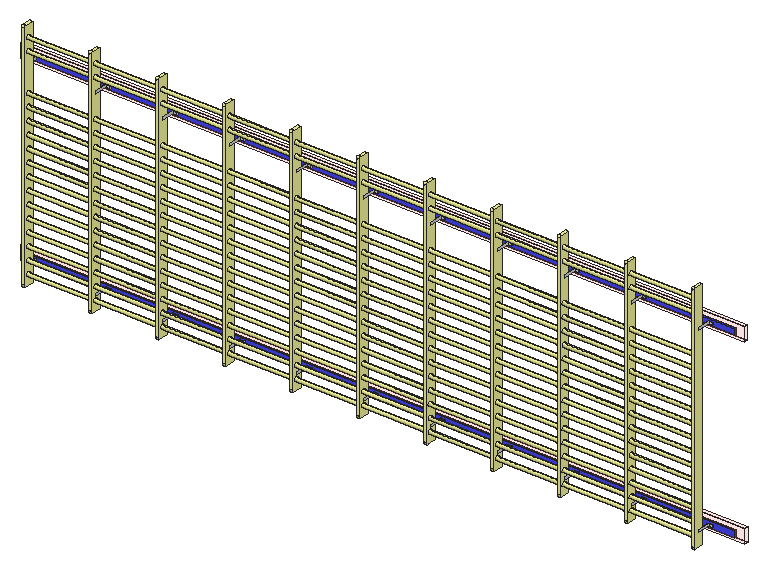
Revit family "Ribbstol Large sammansatt", category Generic Models, Revit 2017
Family settings
  Can host rebar = No
  Round Connector Dimension = Use Diameter
  Part Type = Normal
  Work Plane-Based = No
  Always vertical = Yes
  Cut with Voids When Loaded = No
  Shared = No
  Room Calculation Point = No
Parameters (values of type "Saxi Ribbstol Large 10-fack")
  langd_list = 93 mm + 782 mm * ANTAL_FACK  # 7913 mm
  langd_barande = 193 mm + 782 mm * ANTAL_FACK + 100 mm  # 8113 mm
  URL = "www.saxi.se"
  SYNLIG = yes
  Model = "Ribbstol Large"
  Manufacturer = "Saxi Vägg AB"
  ANTAL_FACK = 10
  1facksynlung = no
Types (11, lengths in mm): name | langd_list | langd_barande | SYNLIG | ANTAL_FACK | 1facksynlung
  (no name) | 7913 | 8113 | yes | 10 | no
  Saxi Ribbstol Large 1-fack | 1657 | 1857 | no | 2 | yes
  Saxi Ribbstol Large 2-fack | 1657 | 1857 | yes | 2 | no
  Saxi Ribbstol Large 3-fack | 2439 | 2639 | yes | 3 | no
  Saxi Ribbstol Large 4-fack | 3221 | 3421 | yes | 4 | no
  Saxi Ribbstol Large 5-fack | 4003 | 4203 | yes | 5 | no
  Saxi Ribbstol Large 6-fack | 4785 | 4985 | yes | 6 | no
  Saxi Ribbstol Large 7-fack | 5567 | 5767 | yes | 7 | no
  Saxi Ribbstol Large 8-fack | 6349 | 6549 | yes | 8 | no
  Saxi Ribbstol Large 9-fack | 7131 | 7331 | yes | 9 | no
  Saxi Ribbstol Large 10-fack | 7913 | 8113 | yes | 10 | no
Reference planes
  plane 1 "Center (Front/Back)": y = 0
  plane 2: z = 0
  plane 3 "Center (Left/Right)": x = 0
Dimensions and locks
  nested 1 to nested 3 = 35 mm
  nested 3 to level = 180 mm
  equal spacing: group 3, group 4, group 5, group 6, group 7, group 8, group 9, group 10, group 11, group 12, group 13, group 14, group 15, group 16  (x3)
  nested 1 to nested 17 = 100 mm
  nested 21 to plane 1 "Center (Front/Back)" = 170 mm
  nested 21 to level = 237.5 mm
  nested 22 to level = 2267.5 mm
  equal spacing: group 23, group 24, group 25, group 26, group 27, group 28, group 29, group 30, group 31, group 32, group 33, group 34, group 35, group 36  (x3)
  equal spacing: group 20, group 39, group 75, group 93, group 111, group 129, group 147, group 165, group 183, group 201  (x3)
  nested 44 to plane 3 "Center (Left/Right)" = 93 mm
  nested 46 to nested 45 = 100 mm
  nested 46 to level = 170 mm
  nested 47 to plane 2 = 2200 mm
  equal spacing: group 41, group 42, group 43, group 44, group 45, group 46, group 47, group 48, group 49, group 50, group 51, group 52, group 53, group 54  (x3)
  equal spacing: group 59, group 60, group 61, group 62, group 63, group 64, group 65, group 66, group 67, group 68, group 69, group 70, group 71, group 72  (x3)
  equal spacing: group 77, group 78, group 79, group 80, group 81, group 82, group 83, group 84, group 85, group 86, group 87, group 88, group 89, group 90  (x3)
  equal spacing: group 95, group 96, group 97, group 98, group 99, group 100, group 101, group 102, group 103, group 104, group 105, group 106, group 107, group 108  (x3)
  equal spacing: group 113, group 114, group 115, group 116, group 117, group 118, group 119, group 120, group 121, group 122, group 123, group 124, group 125, group 126  (x3)
  equal spacing: group 131, group 132, group 133, group 134, group 135, group 136, group 137, group 138, group 139, group 140, group 141, group 142, group 143, group 144  (x3)
  equal spacing: group 149, group 150, group 151, group 152, group 153, group 154, group 155, group 156, group 157, group 158, group 159, group 160, group 161, group 162  (x3)
  equal spacing: group 167, group 168, group 169, group 170, group 171, group 172, group 173, group 174, group 175, group 176, group 177, group 178, group 179, group 180  (x3)
  equal spacing: group 185, group 186, group 187, group 188, group 189, group 190, group 191, group 192, group 193, group 194, group 195, group 196, group 197, group 198  (x3)
  aligned and locked: level to plane 2
Nested families
  nested 1: "ribbstol_large_stolpe" at (0, -110, 0), visible <- "SYNLIG", type "ribbstol_large_stolpe"
  nested 2: "ribbstol_large_stolpe" at (750, -110, 0), visible <- "SYNLIG", type "ribbstol_large_stolpe"
  nested 3: "ribbstol_pinne" at (32, -185, 200) x (0, 1, 0) z (0, 0, 1), visible <- "SYNLIG", type "ribbstol_pinne"
  nested 4: "ribbstol_pinne" at (32, -185, 340) x (0, 1, 0) z (0, 0, 1), visible <- "SYNLIG", type "ribbstol_pinne"
  nested 5: "ribbstol_pinne" at (32, -185, 480) x (0, 1, 0) z (0, 0, 1), visible <- "SYNLIG", type "ribbstol_pinne"
  nested 6: "ribbstol_pinne" at (32, -185, 620) x (0, 1, 0) z (0, 0, 1), visible <- "SYNLIG", type "ribbstol_pinne"
  nested 7: "ribbstol_pinne" at (32, -185, 760) x (0, 1, 0) z (0, 0, 1), visible <- "SYNLIG", type "ribbstol_pinne"
  nested 8: "ribbstol_pinne" at (32, -185, 900) x (0, 1, 0) z (0, 0, 1), visible <- "SYNLIG", type "ribbstol_pinne"
  nested 9: "ribbstol_pinne" at (32, -185, 1040) x (0, 1, 0) z (0, 0, 1), visible <- "SYNLIG", type "ribbstol_pinne"
  nested 10: "ribbstol_pinne" at (32, -185, 1180) x (0, 1, 0) z (0, 0, 1), visible <- "SYNLIG", type "ribbstol_pinne"
  nested 11: "ribbstol_pinne" at (32, -185, 1320) x (0, 1, 0) z (0, 0, 1), visible <- "SYNLIG", type "ribbstol_pinne"
  nested 12: "ribbstol_pinne" at (32, -185, 1460) x (0, 1, 0) z (0, 0, 1), visible <- "SYNLIG", type "ribbstol_pinne"
  nested 13: "ribbstol_pinne" at (32, -185, 1600) x (0, 1, 0) z (0, 0, 1), visible <- "SYNLIG", type "ribbstol_pinne"
  nested 14: "ribbstol_pinne" at (32, -185, 1740) x (0, 1, 0) z (0, 0, 1), visible <- "SYNLIG", type "ribbstol_pinne"
  nested 15: "ribbstol_pinne" at (32, -185, 1880) x (0, 1, 0) z (0, 0, 1), visible <- "SYNLIG", type "ribbstol_pinne"
  nested 16: "ribbstol_pinne" at (32, -185, 2020) x (0, 1, 0) z (0, 0, 1), visible <- "SYNLIG", type "ribbstol_pinne"
  nested 17: "ribbstol_pinne" at (32, -185, 2580) x (0, 1, 0) z (0, 0, 1), visible <- "SYNLIG", type "ribbstol_pinne"
  nested 18: "ribbstol_pinne" at (32, -75, 200) x (0, 1, 0) z (0, 0, 1), visible <- "SYNLIG", type "ribbstol_pinne", not visible
  nested 19: "ribbstol_pinne" at (32, -185, 2440) x (0, 1, 0) z (0, 0, 1), visible <- "SYNLIG", type "ribbstol_pinne"
  nested 20: "ribbstol_vinkel" at (782, -20, 237.5), visible <- "SYNLIG", type "ribbstol_vinkel"
  nested 21: "ribbstol_vinkel" at (0, -20, 237.5) x (-1, 0, 0) z (0, 0, 1), type "ribbstol_vinkel"
  nested 22: "ribbstol_vinkel" at (0, -20, 2267.5) x (-1, 0, 0) z (0, 0, 1), type "ribbstol_vinkel"
  nested 23: "ribbstol_vinkel" at (782, -20, 2267.5), visible <- "SYNLIG", type "ribbstol_vinkel"
  nested 24: "ribbstol_large_stolpe" at (0, -110, 0), visible <- "SYNLIG", type "ribbstol_large_stolpe", not visible
  nested 25: "ribbstol_large_stolpe" at (1500, -110, 0), visible <- "SYNLIG", type "ribbstol_large_stolpe"
  nested 26: "ribbstol_pinne" at (782, -185, 200) x (0, 1, 0) z (0, 0, 1), visible <- "SYNLIG", type "ribbstol_pinne"
  nested 27: "ribbstol_pinne" at (782, -185, 340) x (0, 1, 0) z (0, 0, 1), visible <- "SYNLIG", type "ribbstol_pinne"
  nested 28: "ribbstol_pinne" at (782, -185, 480) x (0, 1, 0) z (0, 0, 1), visible <- "SYNLIG", type "ribbstol_pinne"
  nested 29: "ribbstol_pinne" at (782, -185, 620) x (0, 1, 0) z (0, 0, 1), visible <- "SYNLIG", type "ribbstol_pinne"
  nested 30: "ribbstol_pinne" at (782, -185, 760) x (0, 1, 0) z (0, 0, 1), visible <- "SYNLIG", type "ribbstol_pinne"
  nested 31: "ribbstol_pinne" at (782, -185, 900) x (0, 1, 0) z (0, 0, 1), visible <- "SYNLIG", type "ribbstol_pinne"
  nested 32: "ribbstol_pinne" at (782, -185, 1040) x (0, 1, 0) z (0, 0, 1), visible <- "SYNLIG", type "ribbstol_pinne"
  nested 33: "ribbstol_pinne" at (782, -185, 1180) x (0, 1, 0) z (0, 0, 1), visible <- "SYNLIG", type "ribbstol_pinne"
  nested 34: "ribbstol_pinne" at (782, -185, 1320) x (0, 1, 0) z (0, 0, 1), visible <- "SYNLIG", type "ribbstol_pinne"
  nested 35: "ribbstol_pinne" at (782, -185, 1460) x (0, 1, 0) z (0, 0, 1), visible <- "SYNLIG", type "ribbstol_pinne"
  nested 36: "ribbstol_pinne" at (782, -185, 1600) x (0, 1, 0) z (0, 0, 1), visible <- "SYNLIG", type "ribbstol_pinne"
  nested 37: "ribbstol_pinne" at (782, -185, 1740) x (0, 1, 0) z (0, 0, 1), visible <- "SYNLIG", type "ribbstol_pinne"
  nested 38: "ribbstol_pinne" at (782, -185, 1880) x (0, 1, 0) z (0, 0, 1), visible <- "SYNLIG", type "ribbstol_pinne"
  nested 39: "ribbstol_pinne" at (782, -185, 2020) x (0, 1, 0) z (0, 0, 1), visible <- "SYNLIG", type "ribbstol_pinne"
  nested 40: "ribbstol_pinne" at (782, -185, 2580) x (0, 1, 0) z (0, 0, 1), visible <- "SYNLIG", type "ribbstol_pinne"
  nested 41: "ribbstol_pinne" at (782, -185, 2440) x (0, 1, 0) z (0, 0, 1), visible <- "SYNLIG", type "ribbstol_pinne"
  nested 42: "ribbstol_vinkel" at (1532, -20, 237.5), visible <- "SYNLIG", type "ribbstol_vinkel"
  nested 43: "ribbstol_vinkel" at (1532, -20, 2267.5), visible <- "SYNLIG", type "ribbstol_vinkel"
  nested 44: "ribbstol_list" at (-93, 0, 215), visible <- "SYNLIG", type "ribbstol_list"
    with langd 7913 mm
  nested 45: "ribbstol_list" at (-93, 0, 2246.25), visible <- "SYNLIG", type "ribbstol_list"
    with langd 7913 mm
  nested 46: "ribbstol_barande" at (-193, 50, 170), visible <- "SYNLIG", type "ribbstol_barande"
    with langd 8113 mm
  nested 47: "ribbstol_barande" at (-193, 50, 2200), visible <- "SYNLIG", type "ribbstol_barande"
    with langd 8113 mm
  nested 48: "ribbstol_large_stolpe" at (0, -110, 0), visible <- "1facksynlung", type "ribbstol_large_stolpe"
  nested 49: "ribbstol_large_stolpe" at (750, -110, 0), visible <- "1facksynlung", type "ribbstol_large_stolpe"
  nested 50: "ribbstol_pinne" at (32, -185, 200) x (0, 1, 0) z (0, 0, 1), visible <- "1facksynlung", type "ribbstol_pinne"
  nested 51: "ribbstol_pinne" at (32, -185, 340) x (0, 1, 0) z (0, 0, 1), visible <- "1facksynlung", type "ribbstol_pinne"
  nested 52: "ribbstol_pinne" at (32, -185, 480) x (0, 1, 0) z (0, 0, 1), visible <- "1facksynlung", type "ribbstol_pinne"
  nested 53: "ribbstol_pinne" at (32, -185, 620) x (0, 1, 0) z (0, 0, 1), visible <- "1facksynlung", type "ribbstol_pinne"
  nested 54: "ribbstol_pinne" at (32, -185, 760) x (0, 1, 0) z (0, 0, 1), visible <- "1facksynlung", type "ribbstol_pinne"
  nested 55: "ribbstol_pinne" at (32, -185, 900) x (0, 1, 0) z (0, 0, 1), visible <- "1facksynlung", type "ribbstol_pinne"
  nested 56: "ribbstol_pinne" at (32, -185, 1040) x (0, 1, 0) z (0, 0, 1), visible <- "1facksynlung", type "ribbstol_pinne"
  nested 57: "ribbstol_pinne" at (32, -185, 1180) x (0, 1, 0) z (0, 0, 1), visible <- "1facksynlung", type "ribbstol_pinne"
  nested 58: "ribbstol_pinne" at (32, -185, 1320) x (0, 1, 0) z (0, 0, 1), visible <- "1facksynlung", type "ribbstol_pinne"
  nested 59: "ribbstol_pinne" at (32, -185, 1460) x (0, 1, 0) z (0, 0, 1), visible <- "1facksynlung", type "ribbstol_pinne"
  nested 60: "ribbstol_pinne" at (32, -185, 1600) x (0, 1, 0) z (0, 0, 1), visible <- "1facksynlung", type "ribbstol_pinne"
  nested 61: "ribbstol_pinne" at (32, -185, 1740) x (0, 1, 0) z (0, 0, 1), visible <- "1facksynlung", type "ribbstol_pinne"
  nested 62: "ribbstol_pinne" at (32, -185, 1880) x (0, 1, 0) z (0, 0, 1), visible <- "1facksynlung", type "ribbstol_pinne"
  nested 63: "ribbstol_pinne" at (32, -185, 2020) x (0, 1, 0) z (0, 0, 1), visible <- "1facksynlung", type "ribbstol_pinne"
  nested 64: "ribbstol_pinne" at (32, -185, 2580) x (0, 1, 0) z (0, 0, 1), visible <- "1facksynlung", type "ribbstol_pinne"
  nested 65: "ribbstol_pinne" at (32, -185, 2440) x (0, 1, 0) z (0, 0, 1), visible <- "1facksynlung", type "ribbstol_pinne"
  nested 66: "ribbstol_vinkel" at (782, -20, 237.5), visible <- "1facksynlung", type "ribbstol_vinkel"
  nested 67: "ribbstol_vinkel" at (782, -20, 2267.5), visible <- "1facksynlung", type "ribbstol_vinkel"
  nested 68: "ribbstol_large_stolpe" at (750, -110, 0), visible <- "SYNLIG", type "ribbstol_large_stolpe", not visible
  nested 69: "ribbstol_pinne" at (32, -185, 200) x (0, 1, 0) z (0, 0, 1), visible <- "SYNLIG", type "ribbstol_pinne", not visible
  nested 70: "ribbstol_pinne" at (32, -185, 340) x (0, 1, 0) z (0, 0, 1), visible <- "SYNLIG", type "ribbstol_pinne", not visible
  nested 71: "ribbstol_pinne" at (32, -185, 480) x (0, 1, 0) z (0, 0, 1), visible <- "SYNLIG", type "ribbstol_pinne", not visible
  nested 72: "ribbstol_pinne" at (32, -185, 620) x (0, 1, 0) z (0, 0, 1), visible <- "SYNLIG", type "ribbstol_pinne", not visible
  nested 73: "ribbstol_pinne" at (32, -185, 760) x (0, 1, 0) z (0, 0, 1), visible <- "SYNLIG", type "ribbstol_pinne", not visible
  nested 74: "ribbstol_pinne" at (32, -185, 900) x (0, 1, 0) z (0, 0, 1), visible <- "SYNLIG", type "ribbstol_pinne", not visible
  nested 75: "ribbstol_pinne" at (32, -185, 1040) x (0, 1, 0) z (0, 0, 1), visible <- "SYNLIG", type "ribbstol_pinne", not visible
  nested 76: "ribbstol_pinne" at (32, -185, 1180) x (0, 1, 0) z (0, 0, 1), visible <- "SYNLIG", type "ribbstol_pinne", not visible
  nested 77: "ribbstol_pinne" at (32, -185, 1320) x (0, 1, 0) z (0, 0, 1), visible <- "SYNLIG", type "ribbstol_pinne", not visible
  nested 78: "ribbstol_pinne" at (32, -185, 1460) x (0, 1, 0) z (0, 0, 1), visible <- "SYNLIG", type "ribbstol_pinne", not visible
  nested 79: "ribbstol_pinne" at (32, -185, 1600) x (0, 1, 0) z (0, 0, 1), visible <- "SYNLIG", type "ribbstol_pinne", not visible
  nested 80: "ribbstol_pinne" at (32, -185, 1740) x (0, 1, 0) z (0, 0, 1), visible <- "SYNLIG", type "ribbstol_pinne", not visible
  nested 81: "ribbstol_pinne" at (32, -185, 1880) x (0, 1, 0) z (0, 0, 1), visible <- "SYNLIG", type "ribbstol_pinne", not visible
  nested 82: "ribbstol_pinne" at (32, -185, 2020) x (0, 1, 0) z (0, 0, 1), visible <- "SYNLIG", type "ribbstol_pinne", not visible
  nested 83: "ribbstol_pinne" at (32, -185, 2580) x (0, 1, 0) z (0, 0, 1), visible <- "SYNLIG", type "ribbstol_pinne", not visible
  nested 84: "ribbstol_pinne" at (32, -185, 2440) x (0, 1, 0) z (0, 0, 1), visible <- "SYNLIG", type "ribbstol_pinne", not visible
  nested 85: "ribbstol_vinkel" at (782, -20, 237.5), visible <- "SYNLIG", type "ribbstol_vinkel", not visible
  nested 86: "ribbstol_vinkel" at (782, -20, 2267.5), visible <- "SYNLIG", type "ribbstol_vinkel", not visible
  nested 87: "ribbstol_large_stolpe" at (2250, -110, 0), visible <- "SYNLIG", type "ribbstol_large_stolpe"
  nested 88: "ribbstol_pinne" at (1532, -185, 200) x (0, 1, 0) z (0, 0, 1), visible <- "SYNLIG", type "ribbstol_pinne"
  nested 89: "ribbstol_pinne" at (1532, -185, 340) x (0, 1, 0) z (0, 0, 1), visible <- "SYNLIG", type "ribbstol_pinne"
  nested 90: "ribbstol_pinne" at (1532, -185, 480) x (0, 1, 0) z (0, 0, 1), visible <- "SYNLIG", type "ribbstol_pinne"
  nested 91: "ribbstol_pinne" at (1532, -185, 620) x (0, 1, 0) z (0, 0, 1), visible <- "SYNLIG", type "ribbstol_pinne"
  nested 92: "ribbstol_pinne" at (1532, -185, 760) x (0, 1, 0) z (0, 0, 1), visible <- "SYNLIG", type "ribbstol_pinne"
  nested 93: "ribbstol_pinne" at (1532, -185, 900) x (0, 1, 0) z (0, 0, 1), visible <- "SYNLIG", type "ribbstol_pinne"
  nested 94: "ribbstol_pinne" at (1532, -185, 1040) x (0, 1, 0) z (0, 0, 1), visible <- "SYNLIG", type "ribbstol_pinne"
  nested 95: "ribbstol_pinne" at (1532, -185, 1180) x (0, 1, 0) z (0, 0, 1), visible <- "SYNLIG", type "ribbstol_pinne"
  nested 96: "ribbstol_pinne" at (1532, -185, 1320) x (0, 1, 0) z (0, 0, 1), visible <- "SYNLIG", type "ribbstol_pinne"
  nested 97: "ribbstol_pinne" at (1532, -185, 1460) x (0, 1, 0) z (0, 0, 1), visible <- "SYNLIG", type "ribbstol_pinne"
  nested 98: "ribbstol_pinne" at (1532, -185, 1600) x (0, 1, 0) z (0, 0, 1), visible <- "SYNLIG", type "ribbstol_pinne"
  nested 99: "ribbstol_pinne" at (1532, -185, 1740) x (0, 1, 0) z (0, 0, 1), visible <- "SYNLIG", type "ribbstol_pinne"
  nested 100: "ribbstol_pinne" at (1532, -185, 1880) x (0, 1, 0) z (0, 0, 1), visible <- "SYNLIG", type "ribbstol_pinne"
  nested 101: "ribbstol_pinne" at (1532, -185, 2020) x (0, 1, 0) z (0, 0, 1), visible <- "SYNLIG", type "ribbstol_pinne"
  nested 102: "ribbstol_pinne" at (1532, -185, 2580) x (0, 1, 0) z (0, 0, 1), visible <- "SYNLIG", type "ribbstol_pinne"
  nested 103: "ribbstol_pinne" at (1532, -185, 2440) x (0, 1, 0) z (0, 0, 1), visible <- "SYNLIG", type "ribbstol_pinne"
  nested 104: "ribbstol_vinkel" at (2282, -20, 237.5), visible <- "SYNLIG", type "ribbstol_vinkel"
  nested 105: "ribbstol_vinkel" at (2282, -20, 2267.5), visible <- "SYNLIG", type "ribbstol_vinkel"
  nested 106: "ribbstol_large_stolpe" at (3000, -110, 0), visible <- "SYNLIG", type "ribbstol_large_stolpe"
  nested 107: "ribbstol_pinne" at (2282, -185, 200) x (0, 1, 0) z (0, 0, 1), visible <- "SYNLIG", type "ribbstol_pinne"
  nested 108: "ribbstol_pinne" at (2282, -185, 340) x (0, 1, 0) z (0, 0, 1), visible <- "SYNLIG", type "ribbstol_pinne"
  nested 109: "ribbstol_pinne" at (2282, -185, 480) x (0, 1, 0) z (0, 0, 1), visible <- "SYNLIG", type "ribbstol_pinne"
  nested 110: "ribbstol_pinne" at (2282, -185, 620) x (0, 1, 0) z (0, 0, 1), visible <- "SYNLIG", type "ribbstol_pinne"
  nested 111: "ribbstol_pinne" at (2282, -185, 760) x (0, 1, 0) z (0, 0, 1), visible <- "SYNLIG", type "ribbstol_pinne"
  nested 112: "ribbstol_pinne" at (2282, -185, 900) x (0, 1, 0) z (0, 0, 1), visible <- "SYNLIG", type "ribbstol_pinne"
  nested 113: "ribbstol_pinne" at (2282, -185, 1040) x (0, 1, 0) z (0, 0, 1), visible <- "SYNLIG", type "ribbstol_pinne"
  nested 114: "ribbstol_pinne" at (2282, -185, 1180) x (0, 1, 0) z (0, 0, 1), visible <- "SYNLIG", type "ribbstol_pinne"
  nested 115: "ribbstol_pinne" at (2282, -185, 1320) x (0, 1, 0) z (0, 0, 1), visible <- "SYNLIG", type "ribbstol_pinne"
  nested 116: "ribbstol_pinne" at (2282, -185, 1460) x (0, 1, 0) z (0, 0, 1), visible <- "SYNLIG", type "ribbstol_pinne"
  nested 117: "ribbstol_pinne" at (2282, -185, 1600) x (0, 1, 0) z (0, 0, 1), visible <- "SYNLIG", type "ribbstol_pinne"
  nested 118: "ribbstol_pinne" at (2282, -185, 1740) x (0, 1, 0) z (0, 0, 1), visible <- "SYNLIG", type "ribbstol_pinne"
  nested 119: "ribbstol_pinne" at (2282, -185, 1880) x (0, 1, 0) z (0, 0, 1), visible <- "SYNLIG", type "ribbstol_pinne"
  nested 120: "ribbstol_pinne" at (2282, -185, 2020) x (0, 1, 0) z (0, 0, 1), visible <- "SYNLIG", type "ribbstol_pinne"
  nested 121: "ribbstol_pinne" at (2282, -185, 2580) x (0, 1, 0) z (0, 0, 1), visible <- "SYNLIG", type "ribbstol_pinne"
  nested 122: "ribbstol_pinne" at (2282, -185, 2440) x (0, 1, 0) z (0, 0, 1), visible <- "SYNLIG", type "ribbstol_pinne"
  nested 123: "ribbstol_vinkel" at (3032, -20, 237.5), visible <- "SYNLIG", type "ribbstol_vinkel"
  nested 124: "ribbstol_vinkel" at (3032, -20, 2267.5), visible <- "SYNLIG", type "ribbstol_vinkel"
  nested 125: "ribbstol_large_stolpe" at (3750, -110, 0), visible <- "SYNLIG", type "ribbstol_large_stolpe"
  nested 126: "ribbstol_pinne" at (3032, -185, 200) x (0, 1, 0) z (0, 0, 1), visible <- "SYNLIG", type "ribbstol_pinne"
  nested 127: "ribbstol_pinne" at (3032, -185, 340) x (0, 1, 0) z (0, 0, 1), visible <- "SYNLIG", type "ribbstol_pinne"
  nested 128: "ribbstol_pinne" at (3032, -185, 480) x (0, 1, 0) z (0, 0, 1), visible <- "SYNLIG", type "ribbstol_pinne"
  nested 129: "ribbstol_pinne" at (3032, -185, 620) x (0, 1, 0) z (0, 0, 1), visible <- "SYNLIG", type "ribbstol_pinne"
  nested 130: "ribbstol_pinne" at (3032, -185, 760) x (0, 1, 0) z (0, 0, 1), visible <- "SYNLIG", type "ribbstol_pinne"
  nested 131: "ribbstol_pinne" at (3032, -185, 900) x (0, 1, 0) z (0, 0, 1), visible <- "SYNLIG", type "ribbstol_pinne"
  nested 132: "ribbstol_pinne" at (3032, -185, 1040) x (0, 1, 0) z (0, 0, 1), visible <- "SYNLIG", type "ribbstol_pinne"
  nested 133: "ribbstol_pinne" at (3032, -185, 1180) x (0, 1, 0) z (0, 0, 1), visible <- "SYNLIG", type "ribbstol_pinne"
  nested 134: "ribbstol_pinne" at (3032, -185, 1320) x (0, 1, 0) z (0, 0, 1), visible <- "SYNLIG", type "ribbstol_pinne"
  nested 135: "ribbstol_pinne" at (3032, -185, 1460) x (0, 1, 0) z (0, 0, 1), visible <- "SYNLIG", type "ribbstol_pinne"
  nested 136: "ribbstol_pinne" at (3032, -185, 1600) x (0, 1, 0) z (0, 0, 1), visible <- "SYNLIG", type "ribbstol_pinne"
  nested 137: "ribbstol_pinne" at (3032, -185, 1740) x (0, 1, 0) z (0, 0, 1), visible <- "SYNLIG", type "ribbstol_pinne"
  nested 138: "ribbstol_pinne" at (3032, -185, 1880) x (0, 1, 0) z (0, 0, 1), visible <- "SYNLIG", type "ribbstol_pinne"
  nested 139: "ribbstol_pinne" at (3032, -185, 2020) x (0, 1, 0) z (0, 0, 1), visible <- "SYNLIG", type "ribbstol_pinne"
  nested 140: "ribbstol_pinne" at (3032, -185, 2580) x (0, 1, 0) z (0, 0, 1), visible <- "SYNLIG", type "ribbstol_pinne"
  nested 141: "ribbstol_pinne" at (3032, -185, 2440) x (0, 1, 0) z (0, 0, 1), visible <- "SYNLIG", type "ribbstol_pinne"
  nested 142: "ribbstol_vinkel" at (3782, -20, 237.5), visible <- "SYNLIG", type "ribbstol_vinkel"
  nested 143: "ribbstol_vinkel" at (3782, -20, 2267.5), visible <- "SYNLIG", type "ribbstol_vinkel"
  nested 144: "ribbstol_large_stolpe" at (4500, -110, 0), visible <- "SYNLIG", type "ribbstol_large_stolpe"
  nested 145: "ribbstol_pinne" at (3782, -185, 200) x (0, 1, 0) z (0, 0, 1), visible <- "SYNLIG", type "ribbstol_pinne"
  nested 146: "ribbstol_pinne" at (3782, -185, 340) x (0, 1, 0) z (0, 0, 1), visible <- "SYNLIG", type "ribbstol_pinne"
  nested 147: "ribbstol_pinne" at (3782, -185, 480) x (0, 1, 0) z (0, 0, 1), visible <- "SYNLIG", type "ribbstol_pinne"
  nested 148: "ribbstol_pinne" at (3782, -185, 620) x (0, 1, 0) z (0, 0, 1), visible <- "SYNLIG", type "ribbstol_pinne"
  nested 149: "ribbstol_pinne" at (3782, -185, 760) x (0, 1, 0) z (0, 0, 1), visible <- "SYNLIG", type "ribbstol_pinne"
  nested 150: "ribbstol_pinne" at (3782, -185, 900) x (0, 1, 0) z (0, 0, 1), visible <- "SYNLIG", type "ribbstol_pinne"
  nested 151: "ribbstol_pinne" at (3782, -185, 1040) x (0, 1, 0) z (0, 0, 1), visible <- "SYNLIG", type "ribbstol_pinne"
  nested 152: "ribbstol_pinne" at (3782, -185, 1180) x (0, 1, 0) z (0, 0, 1), visible <- "SYNLIG", type "ribbstol_pinne"
  nested 153: "ribbstol_pinne" at (3782, -185, 1320) x (0, 1, 0) z (0, 0, 1), visible <- "SYNLIG", type "ribbstol_pinne"
  nested 154: "ribbstol_pinne" at (3782, -185, 1460) x (0, 1, 0) z (0, 0, 1), visible <- "SYNLIG", type "ribbstol_pinne"
  nested 155: "ribbstol_pinne" at (3782, -185, 1600) x (0, 1, 0) z (0, 0, 1), visible <- "SYNLIG", type "ribbstol_pinne"
  nested 156: "ribbstol_pinne" at (3782, -185, 1740) x (0, 1, 0) z (0, 0, 1), visible <- "SYNLIG", type "ribbstol_pinne"
  nested 157: "ribbstol_pinne" at (3782, -185, 1880) x (0, 1, 0) z (0, 0, 1), visible <- "SYNLIG", type "ribbstol_pinne"
  nested 158: "ribbstol_pinne" at (3782, -185, 2020) x (0, 1, 0) z (0, 0, 1), visible <- "SYNLIG", type "ribbstol_pinne"
  nested 159: "ribbstol_pinne" at (3782, -185, 2580) x (0, 1, 0) z (0, 0, 1), visible <- "SYNLIG", type "ribbstol_pinne"
  nested 160: "ribbstol_pinne" at (3782, -185, 2440) x (0, 1, 0) z (0, 0, 1), visible <- "SYNLIG", type "ribbstol_pinne"
  nested 161: "ribbstol_vinkel" at (4532, -20, 237.5), visible <- "SYNLIG", type "ribbstol_vinkel"
  nested 162: "ribbstol_vinkel" at (4532, -20, 2267.5), visible <- "SYNLIG", type "ribbstol_vinkel"
  nested 163: "ribbstol_large_stolpe" at (5250, -110, 0), visible <- "SYNLIG", type "ribbstol_large_stolpe"
  nested 164: "ribbstol_pinne" at (4532, -185, 200) x (0, 1, 0) z (0, 0, 1), visible <- "SYNLIG", type "ribbstol_pinne"
  nested 165: "ribbstol_pinne" at (4532, -185, 340) x (0, 1, 0) z (0, 0, 1), visible <- "SYNLIG", type "ribbstol_pinne"
  nested 166: "ribbstol_pinne" at (4532, -185, 480) x (0, 1, 0) z (0, 0, 1), visible <- "SYNLIG", type "ribbstol_pinne"
  nested 167: "ribbstol_pinne" at (4532, -185, 620) x (0, 1, 0) z (0, 0, 1), visible <- "SYNLIG", type "ribbstol_pinne"
  nested 168: "ribbstol_pinne" at (4532, -185, 760) x (0, 1, 0) z (0, 0, 1), visible <- "SYNLIG", type "ribbstol_pinne"
  nested 169: "ribbstol_pinne" at (4532, -185, 900) x (0, 1, 0) z (0, 0, 1), visible <- "SYNLIG", type "ribbstol_pinne"
  nested 170: "ribbstol_pinne" at (4532, -185, 1040) x (0, 1, 0) z (0, 0, 1), visible <- "SYNLIG", type "ribbstol_pinne"
  nested 171: "ribbstol_pinne" at (4532, -185, 1180) x (0, 1, 0) z (0, 0, 1), visible <- "SYNLIG", type "ribbstol_pinne"
  nested 172: "ribbstol_pinne" at (4532, -185, 1320) x (0, 1, 0) z (0, 0, 1), visible <- "SYNLIG", type "ribbstol_pinne"
  nested 173: "ribbstol_pinne" at (4532, -185, 1460) x (0, 1, 0) z (0, 0, 1), visible <- "SYNLIG", type "ribbstol_pinne"
  nested 174: "ribbstol_pinne" at (4532, -185, 1600) x (0, 1, 0) z (0, 0, 1), visible <- "SYNLIG", type "ribbstol_pinne"
  nested 175: "ribbstol_pinne" at (4532, -185, 1740) x (0, 1, 0) z (0, 0, 1), visible <- "SYNLIG", type "ribbstol_pinne"
  nested 176: "ribbstol_pinne" at (4532, -185, 1880) x (0, 1, 0) z (0, 0, 1), visible <- "SYNLIG", type "ribbstol_pinne"
  nested 177: "ribbstol_pinne" at (4532, -185, 2020) x (0, 1, 0) z (0, 0, 1), visible <- "SYNLIG", type "ribbstol_pinne"
  nested 178: "ribbstol_pinne" at (4532, -185, 2580) x (0, 1, 0) z (0, 0, 1), visible <- "SYNLIG", type "ribbstol_pinne"
  nested 179: "ribbstol_pinne" at (4532, -185, 2440) x (0, 1, 0) z (0, 0, 1), visible <- "SYNLIG", type "ribbstol_pinne"
  nested 180: "ribbstol_vinkel" at (5282, -20, 237.5), visible <- "SYNLIG", type "ribbstol_vinkel"
  nested 181: "ribbstol_vinkel" at (5282, -20, 2267.5), visible <- "SYNLIG", type "ribbstol_vinkel"
  nested 182: "ribbstol_large_stolpe" at (6000, -110, 0), visible <- "SYNLIG", type "ribbstol_large_stolpe"
  nested 183: "ribbstol_pinne" at (5282, -185, 200) x (0, 1, 0) z (0, 0, 1), visible <- "SYNLIG", type "ribbstol_pinne"
  nested 184: "ribbstol_pinne" at (5282, -185, 340) x (0, 1, 0) z (0, 0, 1), visible <- "SYNLIG", type "ribbstol_pinne"
  nested 185: "ribbstol_pinne" at (5282, -185, 480) x (0, 1, 0) z (0, 0, 1), visible <- "SYNLIG", type "ribbstol_pinne"
  nested 186: "ribbstol_pinne" at (5282, -185, 620) x (0, 1, 0) z (0, 0, 1), visible <- "SYNLIG", type "ribbstol_pinne"
  nested 187: "ribbstol_pinne" at (5282, -185, 760) x (0, 1, 0) z (0, 0, 1), visible <- "SYNLIG", type "ribbstol_pinne"
  nested 188: "ribbstol_pinne" at (5282, -185, 900) x (0, 1, 0) z (0, 0, 1), visible <- "SYNLIG", type "ribbstol_pinne"
  nested 189: "ribbstol_pinne" at (5282, -185, 1040) x (0, 1, 0) z (0, 0, 1), visible <- "SYNLIG", type "ribbstol_pinne"
  nested 190: "ribbstol_pinne" at (5282, -185, 1180) x (0, 1, 0) z (0, 0, 1), visible <- "SYNLIG", type "ribbstol_pinne"
  nested 191: "ribbstol_pinne" at (5282, -185, 1320) x (0, 1, 0) z (0, 0, 1), visible <- "SYNLIG", type "ribbstol_pinne"
  nested 192: "ribbstol_pinne" at (5282, -185, 1460) x (0, 1, 0) z (0, 0, 1), visible <- "SYNLIG", type "ribbstol_pinne"
  nested 193: "ribbstol_pinne" at (5282, -185, 1600) x (0, 1, 0) z (0, 0, 1), visible <- "SYNLIG", type "ribbstol_pinne"
  nested 194: "ribbstol_pinne" at (5282, -185, 1740) x (0, 1, 0) z (0, 0, 1), visible <- "SYNLIG", type "ribbstol_pinne"
  nested 195: "ribbstol_pinne" at (5282, -185, 1880) x (0, 1, 0) z (0, 0, 1), visible <- "SYNLIG", type "ribbstol_pinne"
  nested 196: "ribbstol_pinne" at (5282, -185, 2020) x (0, 1, 0) z (0, 0, 1), visible <- "SYNLIG", type "ribbstol_pinne"
  nested 197: "ribbstol_pinne" at (5282, -185, 2580) x (0, 1, 0) z (0, 0, 1), visible <- "SYNLIG", type "ribbstol_pinne"
  nested 198: "ribbstol_pinne" at (5282, -185, 2440) x (0, 1, 0) z (0, 0, 1), visible <- "SYNLIG", type "ribbstol_pinne"
  nested 199: "ribbstol_vinkel" at (6032, -20, 237.5), visible <- "SYNLIG", type "ribbstol_vinkel"
  nested 200: "ribbstol_vinkel" at (6032, -20, 2267.5), visible <- "SYNLIG", type "ribbstol_vinkel"
  nested 201: "ribbstol_large_stolpe" at (6750, -110, 0), visible <- "SYNLIG", type "ribbstol_large_stolpe"
  nested 202: "ribbstol_pinne" at (6032, -185, 200) x (0, 1, 0) z (0, 0, 1), visible <- "SYNLIG", type "ribbstol_pinne"
  nested 203: "ribbstol_pinne" at (6032, -185, 340) x (0, 1, 0) z (0, 0, 1), visible <- "SYNLIG", type "ribbstol_pinne"
  nested 204: "ribbstol_pinne" at (6032, -185, 480) x (0, 1, 0) z (0, 0, 1), visible <- "SYNLIG", type "ribbstol_pinne"
  nested 205: "ribbstol_pinne" at (6032, -185, 620) x (0, 1, 0) z (0, 0, 1), visible <- "SYNLIG", type "ribbstol_pinne"
  nested 206: "ribbstol_pinne" at (6032, -185, 760) x (0, 1, 0) z (0, 0, 1), visible <- "SYNLIG", type "ribbstol_pinne"
  nested 207: "ribbstol_pinne" at (6032, -185, 900) x (0, 1, 0) z (0, 0, 1), visible <- "SYNLIG", type "ribbstol_pinne"
  nested 208: "ribbstol_pinne" at (6032, -185, 1040) x (0, 1, 0) z (0, 0, 1), visible <- "SYNLIG", type "ribbstol_pinne"
  nested 209: "ribbstol_pinne" at (6032, -185, 1180) x (0, 1, 0) z (0, 0, 1), visible <- "SYNLIG", type "ribbstol_pinne"
  nested 210: "ribbstol_pinne" at (6032, -185, 1320) x (0, 1, 0) z (0, 0, 1), visible <- "SYNLIG", type "ribbstol_pinne"
  nested 211: "ribbstol_pinne" at (6032, -185, 1460) x (0, 1, 0) z (0, 0, 1), visible <- "SYNLIG", type "ribbstol_pinne"
  nested 212: "ribbstol_pinne" at (6032, -185, 1600) x (0, 1, 0) z (0, 0, 1), visible <- "SYNLIG", type "ribbstol_pinne"
  nested 213: "ribbstol_pinne" at (6032, -185, 1740) x (0, 1, 0) z (0, 0, 1), visible <- "SYNLIG", type "ribbstol_pinne"
  nested 214: "ribbstol_pinne" at (6032, -185, 1880) x (0, 1, 0) z (0, 0, 1), visible <- "SYNLIG", type "ribbstol_pinne"
  nested 215: "ribbstol_pinne" at (6032, -185, 2020) x (0, 1, 0) z (0, 0, 1), visible <- "SYNLIG", type "ribbstol_pinne"
  nested 216: "ribbstol_pinne" at (6032, -185, 2580) x (0, 1, 0) z (0, 0, 1), visible <- "SYNLIG", type "ribbstol_pinne"
  nested 217: "ribbstol_pinne" at (6032, -185, 2440) x (0, 1, 0) z (0, 0, 1), visible <- "SYNLIG", type "ribbstol_pinne"
  nested 218: "ribbstol_vinkel" at (6782, -20, 237.5), visible <- "SYNLIG", type "ribbstol_vinkel"
  nested 219: "ribbstol_vinkel" at (6782, -20, 2267.5), visible <- "SYNLIG", type "ribbstol_vinkel"
  nested 220: "ribbstol_large_stolpe" at (7500, -110, 0), visible <- "SYNLIG", type "ribbstol_large_stolpe"
  nested 221: "ribbstol_pinne" at (6782, -185, 200) x (0, 1, 0) z (0, 0, 1), visible <- "SYNLIG", type "ribbstol_pinne"
  nested 222: "ribbstol_pinne" at (6782, -185, 340) x (0, 1, 0) z (0, 0, 1), visible <- "SYNLIG", type "ribbstol_pinne"
  nested 223: "ribbstol_pinne" at (6782, -185, 480) x (0, 1, 0) z (0, 0, 1), visible <- "SYNLIG", type "ribbstol_pinne"
  nested 224: "ribbstol_pinne" at (6782, -185, 620) x (0, 1, 0) z (0, 0, 1), visible <- "SYNLIG", type "ribbstol_pinne"
  nested 225: "ribbstol_pinne" at (6782, -185, 760) x (0, 1, 0) z (0, 0, 1), visible <- "SYNLIG", type "ribbstol_pinne"
  nested 226: "ribbstol_pinne" at (6782, -185, 900) x (0, 1, 0) z (0, 0, 1), visible <- "SYNLIG", type "ribbstol_pinne"
  nested 227: "ribbstol_pinne" at (6782, -185, 1040) x (0, 1, 0) z (0, 0, 1), visible <- "SYNLIG", type "ribbstol_pinne"
  nested 228: "ribbstol_pinne" at (6782, -185, 1180) x (0, 1, 0) z (0, 0, 1), visible <- "SYNLIG", type "ribbstol_pinne"
  nested 229: "ribbstol_pinne" at (6782, -185, 1320) x (0, 1, 0) z (0, 0, 1), visible <- "SYNLIG", type "ribbstol_pinne"
  nested 230: "ribbstol_pinne" at (6782, -185, 1460) x (0, 1, 0) z (0, 0, 1), visible <- "SYNLIG", type "ribbstol_pinne"
  nested 231: "ribbstol_pinne" at (6782, -185, 1600) x (0, 1, 0) z (0, 0, 1), visible <- "SYNLIG", type "ribbstol_pinne"
  nested 232: "ribbstol_pinne" at (6782, -185, 1740) x (0, 1, 0) z (0, 0, 1), visible <- "SYNLIG", type "ribbstol_pinne"
  nested 233: "ribbstol_pinne" at (6782, -185, 1880) x (0, 1, 0) z (0, 0, 1), visible <- "SYNLIG", type "ribbstol_pinne"
  nested 234: "ribbstol_pinne" at (6782, -185, 2020) x (0, 1, 0) z (0, 0, 1), visible <- "SYNLIG", type "ribbstol_pinne"
  nested 235: "ribbstol_pinne" at (6782, -185, 2580) x (0, 1, 0) z (0, 0, 1), visible <- "SYNLIG", type "ribbstol_pinne"
  nested 236: "ribbstol_pinne" at (6782, -185, 2440) x (0, 1, 0) z (0, 0, 1), visible <- "SYNLIG", type "ribbstol_pinne"
  nested 237: "ribbstol_vinkel" at (7532, -20, 237.5), visible <- "SYNLIG", type "ribbstol_vinkel"
  nested 238: "ribbstol_vinkel" at (7532, -20, 2267.5), visible <- "SYNLIG", type "ribbstol_vinkel"
  nested 239: "ribbstol_list" at (-93, 0, 2246.25), visible <- "1facksynlung", type "ribbstol_list 1"
    with langd 950 mm
  nested 240: "ribbstol_list" at (-93, 0, 215), visible <- "1facksynlung", type "ribbstol_list 1"
    with langd 950 mm
  nested 241: "ribbstol_barande" at (-193, 50, 2200), visible <- "1facksynlung", type "ribbstol_barande 1"
    with langd 1150 mm
  nested 242: "ribbstol_barande" at (-193, 50, 170), visible <- "1facksynlung", type "ribbstol_barande 1"
    with langd 1150 mm
  nested 243: "ribbstol_large_stolpe" at (0, 1110, 0), visible <- "1facksynlung", type "ribbstol_large_stolpe", not visible
  nested 244: "ribbstol_large_stolpe" at (750, 1110, 0), visible <- "1facksynlung", type "ribbstol_large_stolpe", not visible
  nested 245: "ribbstol_pinne" at (32, 1035, 200) x (0, 1, 0) z (0, 0, 1), visible <- "1facksynlung", type "ribbstol_pinne", not visible
  nested 246: "ribbstol_pinne" at (32, 1035, 340) x (0, 1, 0) z (0, 0, 1), visible <- "1facksynlung", type "ribbstol_pinne", not visible
  nested 247: "ribbstol_pinne" at (32, 1035, 480) x (0, 1, 0) z (0, 0, 1), visible <- "1facksynlung", type "ribbstol_pinne", not visible
  nested 248: "ribbstol_pinne" at (32, 1035, 620) x (0, 1, 0) z (0, 0, 1), visible <- "1facksynlung", type "ribbstol_pinne", not visible
  nested 249: "ribbstol_pinne" at (32, 1035, 760) x (0, 1, 0) z (0, 0, 1), visible <- "1facksynlung", type "ribbstol_pinne", not visible
  nested 250: "ribbstol_pinne" at (32, 1035, 900) x (0, 1, 0) z (0, 0, 1), visible <- "1facksynlung", type "ribbstol_pinne", not visible
  nested 251: "ribbstol_pinne" at (32, 1035, 1040) x (0, 1, 0) z (0, 0, 1), visible <- "1facksynlung", type "ribbstol_pinne", not visible
  nested 252: "ribbstol_pinne" at (32, 1035, 1180) x (0, 1, 0) z (0, 0, 1), visible <- "1facksynlung", type "ribbstol_pinne", not visible
  nested 253: "ribbstol_pinne" at (32, 1035, 1320) x (0, 1, 0) z (0, 0, 1), visible <- "1facksynlung", type "ribbstol_pinne", not visible
  nested 254: "ribbstol_pinne" at (32, 1035, 1460) x (0, 1, 0) z (0, 0, 1), visible <- "1facksynlung", type "ribbstol_pinne", not visible
  nested 255: "ribbstol_pinne" at (32, 1035, 1600) x (0, 1, 0) z (0, 0, 1), visible <- "1facksynlung", type "ribbstol_pinne", not visible
  nested 256: "ribbstol_pinne" at (32, 1035, 1740) x (0, 1, 0) z (0, 0, 1), visible <- "1facksynlung", type "ribbstol_pinne", not visible
  nested 257: "ribbstol_pinne" at (32, 1035, 1880) x (0, 1, 0) z (0, 0, 1), visible <- "1facksynlung", type "ribbstol_pinne", not visible
  nested 258: "ribbstol_pinne" at (32, 1035, 2020) x (0, 1, 0) z (0, 0, 1), visible <- "1facksynlung", type "ribbstol_pinne", not visible
  nested 259: "ribbstol_pinne" at (32, 1035, 2580) x (0, 1, 0) z (0, 0, 1), visible <- "1facksynlung", type "ribbstol_pinne", not visible
  nested 260: "ribbstol_pinne" at (32, 1035, 2440) x (0, 1, 0) z (0, 0, 1), visible <- "1facksynlung", type "ribbstol_pinne", not visible
  nested 261: "ribbstol_vinkel" at (782, 1200, 237.5), visible <- "1facksynlung", type "ribbstol_vinkel", not visible
  nested 262: "ribbstol_vinkel" at (782, 1200, 2267.5), visible <- "1facksynlung", type "ribbstol_vinkel", not visible
  nested 263: "ribbstol_list" at (-93, 1220, 0), type "ribbstol_list 1", not visible
    with langd 950 mm
  nested 264: "ribbstol_barande" at (-193, 1270, 0), type "ribbstol_barande 1", not visible
    with langd 1150 mm
  nested 265: "ribbstol_large_stolpe" at (0, 1010, 0), visible <- "1facksynlung", type "ribbstol_large_stolpe", not visible
  nested 266: "ribbstol_large_stolpe" at (750, 1010, 0), visible <- "1facksynlung", type "ribbstol_large_stolpe", not visible
  nested 267: "ribbstol_pinne" at (32, 935, 200) x (0, 1, 0) z (0, 0, 1), visible <- "1facksynlung", type "ribbstol_pinne", not visible
  nested 268: "ribbstol_pinne" at (32, 935, 340) x (0, 1, 0) z (0, 0, 1), visible <- "1facksynlung", type "ribbstol_pinne", not visible
  nested 269: "ribbstol_pinne" at (32, 935, 480) x (0, 1, 0) z (0, 0, 1), visible <- "1facksynlung", type "ribbstol_pinne", not visible
  nested 270: "ribbstol_pinne" at (32, 935, 620) x (0, 1, 0) z (0, 0, 1), visible <- "1facksynlung", type "ribbstol_pinne", not visible
  nested 271: "ribbstol_pinne" at (32, 935, 760) x (0, 1, 0) z (0, 0, 1), visible <- "1facksynlung", type "ribbstol_pinne", not visible
  nested 272: "ribbstol_pinne" at (32, 935, 900) x (0, 1, 0) z (0, 0, 1), visible <- "1facksynlung", type "ribbstol_pinne", not visible
  nested 273: "ribbstol_pinne" at (32, 935, 1040) x (0, 1, 0) z (0, 0, 1), visible <- "1facksynlung", type "ribbstol_pinne", not visible
  nested 274: "ribbstol_pinne" at (32, 935, 1180) x (0, 1, 0) z (0, 0, 1), visible <- "1facksynlung", type "ribbstol_pinne", not visible
  nested 275: "ribbstol_pinne" at (32, 935, 1320) x (0, 1, 0) z (0, 0, 1), visible <- "1facksynlung", type "ribbstol_pinne", not visible
  nested 276: "ribbstol_pinne" at (32, 935, 1460) x (0, 1, 0) z (0, 0, 1), visible <- "1facksynlung", type "ribbstol_pinne", not visible
  nested 277: "ribbstol_pinne" at (32, 935, 1600) x (0, 1, 0) z (0, 0, 1), visible <- "1facksynlung", type "ribbstol_pinne", not visible
  nested 278: "ribbstol_pinne" at (32, 935, 1740) x (0, 1, 0) z (0, 0, 1), visible <- "1facksynlung", type "ribbstol_pinne", not visible
  nested 279: "ribbstol_pinne" at (32, 935, 1880) x (0, 1, 0) z (0, 0, 1), visible <- "1facksynlung", type "ribbstol_pinne", not visible
  nested 280: "ribbstol_pinne" at (32, 935, 2020) x (0, 1, 0) z (0, 0, 1), visible <- "1facksynlung", type "ribbstol_pinne", not visible
  nested 281: "ribbstol_pinne" at (32, 935, 2580) x (0, 1, 0) z (0, 0, 1), visible <- "1facksynlung", type "ribbstol_pinne", not visible
  nested 282: "ribbstol_pinne" at (32, 935, 2440) x (0, 1, 0) z (0, 0, 1), visible <- "1facksynlung", type "ribbstol_pinne", not visible
  nested 283: "ribbstol_vinkel" at (782, 1100, 237.5), visible <- "1facksynlung", type "ribbstol_vinkel", not visible
  nested 284: "ribbstol_vinkel" at (782, 1100, 2267.5), visible <- "1facksynlung", type "ribbstol_vinkel", not visible
  nested 285: "ribbstol_list" at (-93, 1120, 2246.25), visible <- "1facksynlung", type "ribbstol_list 1", not visible
    with langd 950 mm
  nested 286: "ribbstol_list" at (-93, 1120, 215), visible <- "1facksynlung", type "ribbstol_list 1", not visible
    with langd 950 mm
  nested 287: "ribbstol_barande" at (-193, 1170, 2200), visible <- "1facksynlung", type "ribbstol_barande 1", not visible
    with langd 1150 mm
  nested 288: "ribbstol_barande" at (-193, 1170, 170), visible <- "1facksynlung", type "ribbstol_barande 1", not visible
    with langd 1150 mm
Definition of nested family "ribbstol_large_stolpe"
  Reference planes
    plane 1 "Center (Front/Back)": y = 0
    plane 2: z = 0
    plane 3 "Center (Left/Right)": x = 0
  Forms (mm)
    Extrusion 1, solid
      sketch origin (0, 0, 0) x (0, 1, 0) y (0, 0, 1)
        loop
          line (0, 80) -> (0, 2700) -> (-95, 2700)
          arc (-95, 2700) -> (-105.607, 2695.607) -> (-110, 2685) r 15
          line (-110, 2685) -> (-110, 95)
          arc (-110, 95) -> (-105.607, 84.393) -> (-95, 80) r 15
          line (-95, 80) -> (0, 80)
      from 0 to 32
  Dimensions and locks
    level to Extrusion 1 sketch curve = 80 mm
    locked: Extrusion 1 sketch curve to Extrusion 1 sketch curve at 2620
    aligned and locked: level to plane 2
Definition of nested family "ribbstol_pinne"
  Reference planes
    plane 1 "Center (Front/Back)": y = 0
    plane 2: z = 0
    plane 3 "Center (Left/Right)": x = 0
  Forms (mm)
    Extrusion 1, solid
      sketch origin (0, 0, 0) x (1, 0, 0) y (0, 0, 1)
        loop
          spline (0, 20) -> (-3.882, 19.319) -> (-7.5, 17.321) -> (-10.607, 14.142) -> (-12.99, 10) -> (-14.489, 5.176) -> (-15, 0) -> (-14.489, -5.176) -> (-12.99, -10) -> (-10.607, -14.142) -> (-7.5, -17.321) -> (-3.882, -19.319) -> (0, -20)
          spline (0, -20) -> (3.882, -19.319) -> (7.5, -17.321) -> (10.607, -14.142) -> (12.99, -10) -> (14.489, -5.176) -> (15, 0) -> (14.489, 5.176) -> (12.99, 10) -> (10.607, 14.142) -> (7.5, 17.321) -> (3.882, 19.319) -> (0, 20)
      from 0 to 718
  Dimensions and locks
    aligned and locked: level to plane 2
Definition of nested family "ribbstol_vinkel"
  Reference planes
    plane 1 "Center (Front/Back)": y = 0
    plane 2: z = 0
    plane 3 "Center (Left/Right)": x = 0
  Forms (mm)
    Extrusion 1, solid
      sketch origin (0, 0, 0) x (1, 0, 0) y (0, 1, 0)
        loop
          line (0, 0) -> (0, -150) -> (5, -150) -> (5, -5) -> (50, -5) -> (50, 0) -> (0, 0)
      from 0 to 25
  Dimensions and locks
    aligned and locked: level to plane 2
Definition of nested family "ribbstol_list"
  Parameters (values of type "ribbstol_list")
    langd = 150 mm
  Reference planes
    plane 1 "Center (Front/Back)": y = 0
    plane 2: z = 0
    plane 3 "Center (Left/Right)": x = 0
  Forms (mm)
    Extrusion 1, solid
      sketch origin (0, 0, 0) x (0, 1, 0) y (0, 0, 1)
        loop
          line (0, 0) -> (0, 70) -> (-20, 70) -> (-20, 0) -> (0, 0)
      from 0 to 150 <- "langd"
  Dimensions and locks
    aligned and locked: level to plane 2
Definition of nested family "ribbstol_barande"
  Parameters (values of type "ribbstol_barande")
    langd = 150 mm
  Reference planes
    plane 1 "Center (Front/Back)": y = 0
    plane 2: z = 0
    plane 3 "Center (Left/Right)": x = 0
  Forms (mm)
    Extrusion 1, solid
      sketch origin (0, 0, 0) x (0, 1, 0) y (0, 0, 1)
        loop
          line (0, 0) -> (0, 160) -> (-50, 160) -> (-50, 0) -> (0, 0)
      from 0 to 150 <- "langd"
  Dimensions and locks
    aligned and locked: level to plane 2
